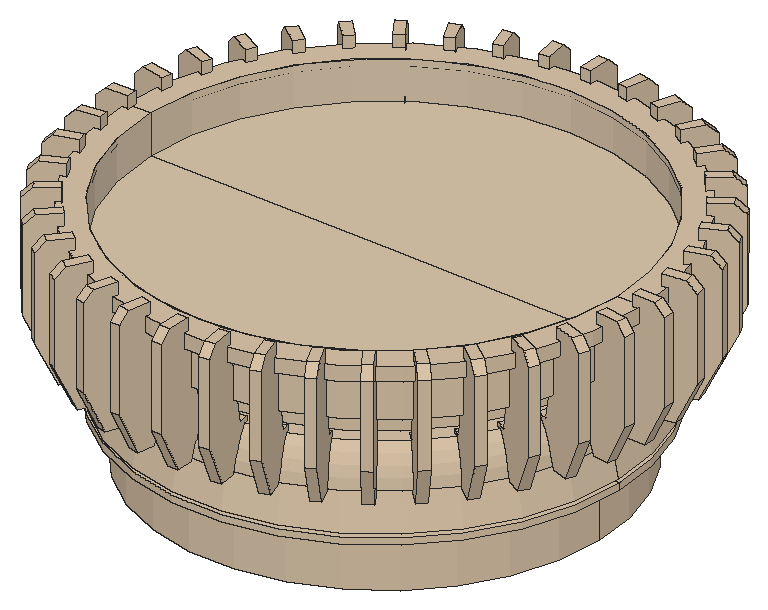
Revit family "KHL_Kemlux-Ceiling", category Lighting Fixtures, host Face, Revit 2021
Family settings
  Host = Face
  Round Connector Dimension = Use Diameter
  Part Type = Normal
  OmniClass Number = 23.80.70.14
  OmniClass Title = Luminaries for External Lighting
  Cut with Voids When Loaded = No
  Light Source = Yes
  Shared = No
  Room Calculation Point = No
Parameters (values of type "KHL-36L-X-5K-N")
  Wattage Comments = "86 Watts, 36 LEDs"
  Wattage = 86 W
  Watt = 86 W
  built-in parameter 1150110 = 1 (stored number, unit not read)
  Voltage = 277 V
  URL = "www.currentlighting.com/columbialighting"
  built-in parameter 1114217 = 1 (stored number, unit not read)
  Tilt Angle = -90.00°
  built-in parameter 1150109 = 1 (stored number, unit not read)
  built-in parameter 1150134 = 2
  built-in parameter 1150113 = 1 (stored number, unit not read)
  Product Page URL = ""
  Product Documentation Link = ""
  Power Factor = 1
  Photometric Web File = "KXL-36L-X-5K-N.ies"
  Optics = "Type V Rectangle"
  Model = "KHL - Kemlux III LED"  # constant formula
  Material Finish = Tan
  Manufacturer = "Columbia Lighting"  # constant formula
  built-in parameter 1150105 = 718.58 (stored number, unit not read)
  Lumens = 9030 lm
  built-in parameter 1150115 = 1 (stored number, unit not read)
  Load Classification = Lighting
  built-in parameter 1150137 = (empty or 0)
  built-in parameter 1150139 = (empty or 0)
  built-in parameter 1150112 = 1 (stored number, unit not read)
  built-in parameter 1150114 = 1 (stored number, unit not read)
  Lamp = "36 High Performanc LEDs"
  built-in parameter 1150132 = (empty or 0)
  built-in parameter 1150102 = (empty or 0)
  built-in parameter 1150107 = 5000 (stored number, unit not read)
  built-in parameter 1150138 = (empty or 0)
  built-in parameter 1150106 = 7.1858 (stored number, unit not read)
  Glass = White Glass
  Emit from Circle Diameter = 0' - 11"
  Emit Shape Visible in Rendering = no
  built-in parameter 1150104 = 9.7548 (stored number, unit not read)
  Dimming Lamp Color Temperature Shift = <None>
  Description = "Class I, Division 2 LED Fixture Series"  # constant formula
  Default Elevation = 4' - 0"
  Color Filter = 16777215
  built-in parameter 1114218 = 1 (stored number, unit not read)
  built-in parameter 1150133 = 10 (stored number, unit not read)
  Apparent Load = Watt / Power Factor  # 86 VA
Reference planes (in)
  plane 1 "Center (Front/Back)": y = 0
  plane 2: z = 0
  plane 3 "Center (Left/Right)": x = 0
  plane 4: x = -7
  plane 5: x = 7
Dimensions and locks (in)
  equal spacing: plane 5, plane 3 "Center (Left/Right)", plane 4, locked at 7 each
  aligned and locked: plane 2 to host face
  aligned and locked: level to host face
  aligned and locked: nested 1 to plane 3 "Center (Left/Right)"
  aligned and locked: nested 1 to plane 1 "Center (Front/Back)"
  aligned and locked: plane 3 "Center (Left/Right)" to imposter light
  aligned and locked: imposter light to plane 1 "Center (Front/Back)"
  aligned and locked: imposter light to nested 1
Automatic sketch dimensions
  host sketch curve to host sketch curve = 8' - 0"  (x2)
Nested families (in)
  nested 1: "KHL" at (0, 0, 0) x (-1, 0, 0) z (0, 0, 1), type "KHL"
Connectors (in)
  electrical at (0, 0, 0), driven by "Load Classification", driven by "Voltage", driven by "Apparent Load", driven by "Power Factor"
    settings: on nested 1, index 1, voltage 277 V, apparent load 86 VA, apparent load phase1 0 VA, apparent load phase2 0 VA, apparent load phase3 0 VA, power factor 1, load classification "Lighting", number of poles 1, system type 30, power factor state 1, is connector primary yes, connector utility no, sub classification motor no, connector description "Lighting Connector"
Definition of nested family "KHL"
  Parameters
    Wattage Comments = ""
    URL = ""
    Model = ""
    Material Finish = none
    Manufacturer = ""
    Lamp = ""
    IES FILE LINK = ""
    Glass = none
    Description = ""
    Default Elevation = 4' - 0"
    Apparent Load = 0 VA
  Reference planes (in)
    plane 1 "Center (Front/Back)": y = 0
    plane 2: z = 0
    plane 3 "Center (Left/Right)": x = 0
    plane 4: z = 6
    plane 5: x = -7.25
    plane 6: x = 7.25
    plane 7: x = -5.5
    plane 8: x = 5.5
  Forms (in)
    Extrusion 1, solid
      sketch origin (0, 0, 0) x (1, 0, 0) y (0, 1, 0)
        loop
          line (-48, 48) -> (-48, -48) -> (48, -48) -> (48, 48) -> (-48, 48)
      from 0 to -12
    Revolve 2, solid, material <- "Material Finish"
      sketch origin (0, 0, 0) x (1, 0, 0) y (0, 0, 1)
        loop
          line (5.5, 0) -> (5.5, 1.3125) -> (6, 1.3125) -> (6, 1.47979) -> (5.5, 1.47979) -> (5.5, 1.5625) -> (5.99031, 1.5625) -> (5.73742, 2.6875) -> (6.24933, 2.6875)
          arc (6.24933, 2.6875) -> (6.15662, 3.19814) -> (5.89032, 3.6436) r 1.45262
          line (5.89032, 3.6436) -> (5.5, 3.6436) -> (5.5, 4.37254) -> (6.34375, 4.37254) -> (6.34375, 5.37007) -> (6.59375, 5.37007) -> (6.59375, 5.71977) -> (5.95302, 5.71977) -> (5.95302, 4.75) -> (0, 4.75) -> (0, 0) -> (5.5, 0)
        axis (0, 5.71977) -> (0, 0)
      angle from 0 to 360
    Extrusion 3, solid, material <- "Glass"
      sketch origin (0, 0, 0) x (1, 0, 0) y (0, 1, 0)
        loop
          circle (0, 0) r 5.95302
      from 5.71977 to 5.56262
    Extrusion 4, solid, material <- "Material Finish"
      sketch origin (0, 0, 0) x (1, 0, 0) y (0, 0, 1)
        loop
          line (6.42821, 6) -> (6.42821, 5.66655) -> (6.045, 3.7335) -> (5.75, 3.7335) -> (5.75, 3.06247) -> (6.1875, 3.06247) -> (6.31956, 2.66852) -> (6.75, 2.66852) -> (7.25, 3.69367) -> (7.25, 5.75) -> (7, 6) -> (6.42821, 6)
      from 0.125 to -0.125
    Extrusion 5, solid, material <- "Material Finish"
      sketch origin (0, 0, 0) x (0.987688, -0.156434, 0) y (0, 0, 1)
        loop
          line (6.42821, 6) -> (6.42821, 5.66655) -> (6.045, 3.7335) -> (5.75, 3.7335) -> (5.75, 3.06247) -> (6.1875, 3.06247) -> (6.31956, 2.66852) -> (6.75, 2.66852) -> (7.25, 3.69367) -> (7.25, 5.75) -> (7, 6) -> (6.42821, 6)
      from 0.125 to -0.125
    Extrusion 6, solid, material <- "Material Finish"
      sketch origin (0, 0, 0) x (0.951057, -0.309017, 0) y (0, 0, 1)
        loop
          line (6.42821, 6) -> (6.42821, 5.66655) -> (6.045, 3.7335) -> (5.75, 3.7335) -> (5.75, 3.06247) -> (6.1875, 3.06247) -> (6.31956, 2.66852) -> (6.75, 2.66852) -> (7.25, 3.69367) -> (7.25, 5.75) -> (7, 6) -> (6.42821, 6)
      from 0.125 to -0.125
    Extrusion 7, solid, material <- "Material Finish"
      sketch origin (0, 0, 0) x (0.891007, -0.45399, 0) y (0, 0, 1)
        loop
          line (6.42821, 6) -> (6.42821, 5.66655) -> (6.045, 3.7335) -> (5.75, 3.7335) -> (5.75, 3.06247) -> (6.1875, 3.06247) -> (6.31956, 2.66852) -> (6.75, 2.66852) -> (7.25, 3.69367) -> (7.25, 5.75) -> (7, 6) -> (6.42821, 6)
      from 0.125 to -0.125
    Extrusion 8, solid, material <- "Material Finish"
      sketch origin (0, 0, 0) x (0.809017, -0.587785, 0) y (0, 0, 1)
        loop
          line (6.42821, 6) -> (6.42821, 5.66655) -> (6.045, 3.7335) -> (5.75, 3.7335) -> (5.75, 3.06247) -> (6.1875, 3.06247) -> (6.31956, 2.66852) -> (6.75, 2.66852) -> (7.25, 3.69367) -> (7.25, 5.75) -> (7, 6) -> (6.42821, 6)
      from 0.125 to -0.125
    Extrusion 9, solid, material <- "Material Finish"
      sketch origin (0, 0, 0) x (0.707107, -0.707107, 0) y (0, 0, 1)
        loop
          line (6.42821, 6) -> (6.42821, 5.66655) -> (6.045, 3.7335) -> (5.75, 3.7335) -> (5.75, 3.06247) -> (6.1875, 3.06247) -> (6.31956, 2.66852) -> (6.75, 2.66852) -> (7.25, 3.69367) -> (7.25, 5.75) -> (7, 6) -> (6.42821, 6)
      from 0.125 to -0.125
    Extrusion 10, solid, material <- "Material Finish"
      sketch origin (0, 0, 0) x (0.587785, -0.809017, 0) y (0, 0, 1)
        loop
          line (6.42821, 6) -> (6.42821, 5.66655) -> (6.045, 3.7335) -> (5.75, 3.7335) -> (5.75, 3.06247) -> (6.1875, 3.06247) -> (6.31956, 2.66852) -> (6.75, 2.66852) -> (7.25, 3.69367) -> (7.25, 5.75) -> (7, 6) -> (6.42821, 6)
      from 0.125 to -0.125
    Extrusion 11, solid, material <- "Material Finish"
      sketch origin (0, 0, 0) x (0.45399, -0.891007, 0) y (0, 0, 1)
        loop
          line (6.42821, 6) -> (6.42821, 5.66655) -> (6.045, 3.7335) -> (5.75, 3.7335) -> (5.75, 3.06247) -> (6.1875, 3.06247) -> (6.31956, 2.66852) -> (6.75, 2.66852) -> (7.25, 3.69367) -> (7.25, 5.75) -> (7, 6) -> (6.42821, 6)
      from 0.125 to -0.125
    Extrusion 12, solid, material <- "Material Finish"
      sketch origin (0, 0, 0) x (0.309017, -0.951057, 0) y (0, 0, 1)
        loop
          line (6.42821, 6) -> (6.42821, 5.66655) -> (6.045, 3.7335) -> (5.75, 3.7335) -> (5.75, 3.06247) -> (6.1875, 3.06247) -> (6.31956, 2.66852) -> (6.75, 2.66852) -> (7.25, 3.69367) -> (7.25, 5.75) -> (7, 6) -> (6.42821, 6)
      from 0.125 to -0.125
    Extrusion 13, solid, material <- "Material Finish"
      sketch origin (0, 0, 0) x (0.156434, -0.987688, 0) y (0, 0, 1)
        loop
          line (6.42821, 6) -> (6.42821, 5.66655) -> (6.045, 3.7335) -> (5.75, 3.7335) -> (5.75, 3.06247) -> (6.1875, 3.06247) -> (6.31956, 2.66852) -> (6.75, 2.66852) -> (7.25, 3.69367) -> (7.25, 5.75) -> (7, 6) -> (6.42821, 6)
      from 0.125 to -0.125
    Extrusion 14, solid, material <- "Material Finish"
      sketch origin (0, 0, 0) x (0, -1, 0) y (0, 0, 1)
        loop
          line (6.42821, 6) -> (6.42821, 5.66655) -> (6.045, 3.7335) -> (5.75, 3.7335) -> (5.75, 3.06247) -> (6.1875, 3.06247) -> (6.31956, 2.66852) -> (6.75, 2.66852) -> (7.25, 3.69367) -> (7.25, 5.75) -> (7, 6) -> (6.42821, 6)
      from 0.125 to -0.125
    Extrusion 15, solid, material <- "Material Finish"
      sketch origin (0, 0, 0) x (-0.156434, -0.987688, 0) y (0, 0, 1)
        loop
          line (6.42821, 6) -> (6.42821, 5.66655) -> (6.045, 3.7335) -> (5.75, 3.7335) -> (5.75, 3.06247) -> (6.1875, 3.06247) -> (6.31956, 2.66852) -> (6.75, 2.66852) -> (7.25, 3.69367) -> (7.25, 5.75) -> (7, 6) -> (6.42821, 6)
      from 0.125 to -0.125
    Extrusion 16, solid, material <- "Material Finish"
      sketch origin (0, 0, 0) x (-0.309017, -0.951057, 0) y (0, 0, 1)
        loop
          line (6.42821, 6) -> (6.42821, 5.66655) -> (6.045, 3.7335) -> (5.75, 3.7335) -> (5.75, 3.06247) -> (6.1875, 3.06247) -> (6.31956, 2.66852) -> (6.75, 2.66852) -> (7.25, 3.69367) -> (7.25, 5.75) -> (7, 6) -> (6.42821, 6)
      from 0.125 to -0.125
    Extrusion 17, solid, material <- "Material Finish"
      sketch origin (0, 0, 0) x (-0.45399, -0.891007, 0) y (0, 0, 1)
        loop
          line (6.42821, 6) -> (6.42821, 5.66655) -> (6.045, 3.7335) -> (5.75, 3.7335) -> (5.75, 3.06247) -> (6.1875, 3.06247) -> (6.31956, 2.66852) -> (6.75, 2.66852) -> (7.25, 3.69367) -> (7.25, 5.75) -> (7, 6) -> (6.42821, 6)
      from 0.125 to -0.125
    Extrusion 18, solid, material <- "Material Finish"
      sketch origin (0, 0, 0) x (-0.587785, -0.809017, 0) y (0, 0, 1)
        loop
          line (6.42821, 6) -> (6.42821, 5.66655) -> (6.045, 3.7335) -> (5.75, 3.7335) -> (5.75, 3.06247) -> (6.1875, 3.06247) -> (6.31956, 2.66852) -> (6.75, 2.66852) -> (7.25, 3.69367) -> (7.25, 5.75) -> (7, 6) -> (6.42821, 6)
      from 0.125 to -0.125
    Extrusion 19, solid, material <- "Material Finish"
      sketch origin (0, 0, 0) x (-0.707107, -0.707107, 0) y (0, 0, 1)
        loop
          line (6.42821, 6) -> (6.42821, 5.66655) -> (6.045, 3.7335) -> (5.75, 3.7335) -> (5.75, 3.06247) -> (6.1875, 3.06247) -> (6.31956, 2.66852) -> (6.75, 2.66852) -> (7.25, 3.69367) -> (7.25, 5.75) -> (7, 6) -> (6.42821, 6)
      from 0.125 to -0.125
    Extrusion 20, solid, material <- "Material Finish"
      sketch origin (0, 0, 0) x (-0.809017, -0.587785, 0) y (0, 0, 1)
        loop
          line (6.42821, 6) -> (6.42821, 5.66655) -> (6.045, 3.7335) -> (5.75, 3.7335) -> (5.75, 3.06247) -> (6.1875, 3.06247) -> (6.31956, 2.66852) -> (6.75, 2.66852) -> (7.25, 3.69367) -> (7.25, 5.75) -> (7, 6) -> (6.42821, 6)
      from 0.125 to -0.125
    Extrusion 21, solid, material <- "Material Finish"
      sketch origin (0, 0, 0) x (-0.891007, -0.45399, 0) y (0, 0, 1)
        loop
          line (6.42821, 6) -> (6.42821, 5.66655) -> (6.045, 3.7335) -> (5.75, 3.7335) -> (5.75, 3.06247) -> (6.1875, 3.06247) -> (6.31956, 2.66852) -> (6.75, 2.66852) -> (7.25, 3.69367) -> (7.25, 5.75) -> (7, 6) -> (6.42821, 6)
      from 0.125 to -0.125
    Extrusion 22, solid, material <- "Material Finish"
      sketch origin (0, 0, 0) x (-0.951057, -0.309017, 0) y (0, 0, 1)
        loop
          line (6.42821, 6) -> (6.42821, 5.66655) -> (6.045, 3.7335) -> (5.75, 3.7335) -> (5.75, 3.06247) -> (6.1875, 3.06247) -> (6.31956, 2.66852) -> (6.75, 2.66852) -> (7.25, 3.69367) -> (7.25, 5.75) -> (7, 6) -> (6.42821, 6)
      from 0.125 to -0.125
    Extrusion 23, solid, material <- "Material Finish"
      sketch origin (0, 0, 0) x (-0.987688, -0.156434, 0) y (0, 0, 1)
        loop
          line (6.42821, 6) -> (6.42821, 5.66655) -> (6.045, 3.7335) -> (5.75, 3.7335) -> (5.75, 3.06247) -> (6.1875, 3.06247) -> (6.31956, 2.66852) -> (6.75, 2.66852) -> (7.25, 3.69367) -> (7.25, 5.75) -> (7, 6) -> (6.42821, 6)
      from 0.125 to -0.125
    Extrusion 24, solid, material <- "Material Finish"
      sketch origin (0, 0, 0) x (-1, 0, 0) y (0, 0, 1)
        loop
          line (6.42821, 6) -> (6.42821, 5.66655) -> (6.045, 3.7335) -> (5.75, 3.7335) -> (5.75, 3.06247) -> (6.1875, 3.06247) -> (6.31956, 2.66852) -> (6.75, 2.66852) -> (7.25, 3.69367) -> (7.25, 5.75) -> (7, 6) -> (6.42821, 6)
      from 0.125 to -0.125
    Extrusion 25, solid, material <- "Material Finish"
      sketch origin (0, 0, 0) x (-0.987688, 0.156434, 0) y (0, 0, 1)
        loop
          line (6.42821, 6) -> (6.42821, 5.66655) -> (6.045, 3.7335) -> (5.75, 3.7335) -> (5.75, 3.06247) -> (6.1875, 3.06247) -> (6.31956, 2.66852) -> (6.75, 2.66852) -> (7.25, 3.69367) -> (7.25, 5.75) -> (7, 6) -> (6.42821, 6)
      from 0.125 to -0.125
    Extrusion 26, solid, material <- "Material Finish"
      sketch origin (0, 0, 0) x (-0.951057, 0.309017, 0) y (0, 0, 1)
        loop
          line (6.42821, 6) -> (6.42821, 5.66655) -> (6.045, 3.7335) -> (5.75, 3.7335) -> (5.75, 3.06247) -> (6.1875, 3.06247) -> (6.31956, 2.66852) -> (6.75, 2.66852) -> (7.25, 3.69367) -> (7.25, 5.75) -> (7, 6) -> (6.42821, 6)
      from 0.125 to -0.125
    Extrusion 27, solid, material <- "Material Finish"
      sketch origin (0, 0, 0) x (-0.891007, 0.45399, 0) y (0, 0, 1)
        loop
          line (6.42821, 6) -> (6.42821, 5.66655) -> (6.045, 3.7335) -> (5.75, 3.7335) -> (5.75, 3.06247) -> (6.1875, 3.06247) -> (6.31956, 2.66852) -> (6.75, 2.66852) -> (7.25, 3.69367) -> (7.25, 5.75) -> (7, 6) -> (6.42821, 6)
      from 0.125 to -0.125
    Extrusion 28, solid, material <- "Material Finish"
      sketch origin (0, 0, 0) x (-0.809017, 0.587785, 0) y (0, 0, 1)
        loop
          line (6.42821, 6) -> (6.42821, 5.66655) -> (6.045, 3.7335) -> (5.75, 3.7335) -> (5.75, 3.06247) -> (6.1875, 3.06247) -> (6.31956, 2.66852) -> (6.75, 2.66852) -> (7.25, 3.69367) -> (7.25, 5.75) -> (7, 6) -> (6.42821, 6)
      from 0.125 to -0.125
    Extrusion 29, solid, material <- "Material Finish"
      sketch origin (0, 0, 0) x (-0.707107, 0.707107, 0) y (0, 0, 1)
        loop
          line (6.42821, 6) -> (6.42821, 5.66655) -> (6.045, 3.7335) -> (5.75, 3.7335) -> (5.75, 3.06247) -> (6.1875, 3.06247) -> (6.31956, 2.66852) -> (6.75, 2.66852) -> (7.25, 3.69367) -> (7.25, 5.75) -> (7, 6) -> (6.42821, 6)
      from 0.125 to -0.125
    Extrusion 30, solid, material <- "Material Finish"
      sketch origin (0, 0, 0) x (-0.587785, 0.809017, 0) y (0, 0, 1)
        loop
          line (6.42821, 6) -> (6.42821, 5.66655) -> (6.045, 3.7335) -> (5.75, 3.7335) -> (5.75, 3.06247) -> (6.1875, 3.06247) -> (6.31956, 2.66852) -> (6.75, 2.66852) -> (7.25, 3.69367) -> (7.25, 5.75) -> (7, 6) -> (6.42821, 6)
      from 0.125 to -0.125
    Extrusion 31, solid, material <- "Material Finish"
      sketch origin (0, 0, 0) x (-0.45399, 0.891007, 0) y (0, 0, 1)
        loop
          line (6.42821, 6) -> (6.42821, 5.66655) -> (6.045, 3.7335) -> (5.75, 3.7335) -> (5.75, 3.06247) -> (6.1875, 3.06247) -> (6.31956, 2.66852) -> (6.75, 2.66852) -> (7.25, 3.69367) -> (7.25, 5.75) -> (7, 6) -> (6.42821, 6)
      from 0.125 to -0.125
    Extrusion 32, solid, material <- "Material Finish"
      sketch origin (0, 0, 0) x (-0.309017, 0.951057, 0) y (0, 0, 1)
        loop
          line (6.42821, 6) -> (6.42821, 5.66655) -> (6.045, 3.7335) -> (5.75, 3.7335) -> (5.75, 3.06247) -> (6.1875, 3.06247) -> (6.31956, 2.66852) -> (6.75, 2.66852) -> (7.25, 3.69367) -> (7.25, 5.75) -> (7, 6) -> (6.42821, 6)
      from 0.125 to -0.125
    Extrusion 33, solid, material <- "Material Finish"
      sketch origin (0, 0, 0) x (-0.156434, 0.987688, 0) y (0, 0, 1)
        loop
          line (6.42821, 6) -> (6.42821, 5.66655) -> (6.045, 3.7335) -> (5.75, 3.7335) -> (5.75, 3.06247) -> (6.1875, 3.06247) -> (6.31956, 2.66852) -> (6.75, 2.66852) -> (7.25, 3.69367) -> (7.25, 5.75) -> (7, 6) -> (6.42821, 6)
      from 0.125 to -0.125
    Extrusion 34, solid, material <- "Material Finish"
      sketch origin (0, 0, 0) x (0, 1, 0) y (0, 0, 1)
        loop
          line (6.42821, 6) -> (6.42821, 5.66655) -> (6.045, 3.7335) -> (5.75, 3.7335) -> (5.75, 3.06247) -> (6.1875, 3.06247) -> (6.31956, 2.66852) -> (6.75, 2.66852) -> (7.25, 3.69367) -> (7.25, 5.75) -> (7, 6) -> (6.42821, 6)
      from 0.125 to -0.125
    Extrusion 35, solid, material <- "Material Finish"
      sketch origin (0, 0, 0) x (0.156434, 0.987688, 0) y (0, 0, 1)
        loop
          line (6.42821, 6) -> (6.42821, 5.66655) -> (6.045, 3.7335) -> (5.75, 3.7335) -> (5.75, 3.06247) -> (6.1875, 3.06247) -> (6.31956, 2.66852) -> (6.75, 2.66852) -> (7.25, 3.69367) -> (7.25, 5.75) -> (7, 6) -> (6.42821, 6)
      from 0.125 to -0.125
    Extrusion 36, solid, material <- "Material Finish"
      sketch origin (0, 0, 0) x (0.309017, 0.951057, 0) y (0, 0, 1)
        loop
          line (6.42821, 6) -> (6.42821, 5.66655) -> (6.045, 3.7335) -> (5.75, 3.7335) -> (5.75, 3.06247) -> (6.1875, 3.06247) -> (6.31956, 2.66852) -> (6.75, 2.66852) -> (7.25, 3.69367) -> (7.25, 5.75) -> (7, 6) -> (6.42821, 6)
      from 0.125 to -0.125
    Extrusion 37, solid, material <- "Material Finish"
      sketch origin (0, 0, 0) x (0.45399, 0.891007, 0) y (0, 0, 1)
        loop
          line (6.42821, 6) -> (6.42821, 5.66655) -> (6.045, 3.7335) -> (5.75, 3.7335) -> (5.75, 3.06247) -> (6.1875, 3.06247) -> (6.31956, 2.66852) -> (6.75, 2.66852) -> (7.25, 3.69367) -> (7.25, 5.75) -> (7, 6) -> (6.42821, 6)
      from 0.125 to -0.125
    Extrusion 38, solid, material <- "Material Finish"
      sketch origin (0, 0, 0) x (0.587785, 0.809017, 0) y (0, 0, 1)
        loop
          line (6.42821, 6) -> (6.42821, 5.66655) -> (6.045, 3.7335) -> (5.75, 3.7335) -> (5.75, 3.06247) -> (6.1875, 3.06247) -> (6.31956, 2.66852) -> (6.75, 2.66852) -> (7.25, 3.69367) -> (7.25, 5.75) -> (7, 6) -> (6.42821, 6)
      from 0.125 to -0.125
    Extrusion 39, solid, material <- "Material Finish"
      sketch origin (0, 0, 0) x (0.707107, 0.707107, 0) y (0, 0, 1)
        loop
          line (6.42821, 6) -> (6.42821, 5.66655) -> (6.045, 3.7335) -> (5.75, 3.7335) -> (5.75, 3.06247) -> (6.1875, 3.06247) -> (6.31956, 2.66852) -> (6.75, 2.66852) -> (7.25, 3.69367) -> (7.25, 5.75) -> (7, 6) -> (6.42821, 6)
      from 0.125 to -0.125
    Extrusion 40, solid, material <- "Material Finish"
      sketch origin (0, 0, 0) x (0.809017, 0.587785, 0) y (0, 0, 1)
        loop
          line (6.42821, 6) -> (6.42821, 5.66655) -> (6.045, 3.7335) -> (5.75, 3.7335) -> (5.75, 3.06247) -> (6.1875, 3.06247) -> (6.31956, 2.66852) -> (6.75, 2.66852) -> (7.25, 3.69367) -> (7.25, 5.75) -> (7, 6) -> (6.42821, 6)
      from 0.125 to -0.125
    Extrusion 41, solid, material <- "Material Finish"
      sketch origin (0, 0, 0) x (0.891007, 0.45399, 0) y (0, 0, 1)
        loop
          line (6.42821, 6) -> (6.42821, 5.66655) -> (6.045, 3.7335) -> (5.75, 3.7335) -> (5.75, 3.06247) -> (6.1875, 3.06247) -> (6.31956, 2.66852) -> (6.75, 2.66852) -> (7.25, 3.69367) -> (7.25, 5.75) -> (7, 6) -> (6.42821, 6)
      from 0.125 to -0.125
    Extrusion 42, solid, material <- "Material Finish"
      sketch origin (0, 0, 0) x (0.951057, 0.309017, 0) y (0, 0, 1)
        loop
          line (6.42821, 6) -> (6.42821, 5.66655) -> (6.045, 3.7335) -> (5.75, 3.7335) -> (5.75, 3.06247) -> (6.1875, 3.06247) -> (6.31956, 2.66852) -> (6.75, 2.66852) -> (7.25, 3.69367) -> (7.25, 5.75) -> (7, 6) -> (6.42821, 6)
      from 0.125 to -0.125
    Extrusion 43, solid, material <- "Material Finish"
      sketch origin (0, 0, 0) x (0.987688, 0.156434, 0) y (0, 0, 1)
        loop
          line (6.42821, 6) -> (6.42821, 5.66655) -> (6.045, 3.7335) -> (5.75, 3.7335) -> (5.75, 3.06247) -> (6.1875, 3.06247) -> (6.31956, 2.66852) -> (6.75, 2.66852) -> (7.25, 3.69367) -> (7.25, 5.75) -> (7, 6) -> (6.42821, 6)
      from 0.125 to -0.125
  Lines and regions (in)
    reference lines
      curve 1: line (5.95302, 0, 4.75) -> (0, 0, 4.75)
      curve 2: line (5.95302, 0, 5.92266) -> (5.95302, 0, 4.75)
      curve 3: line (6.59375, 0, 5.37007) -> (6.59375, 0, 5.92266)
      curve 4: line (6.34375, 0, 5.37007) -> (6.59375, 0, 5.37007)
      curve 5: line (6.34375, 0, 4.37254) -> (5.5, 0, 4.37254)
      curve 6: line (6.34375, 0, 4.37254) -> (6.34375, 0, 5.37007)
      curve 7: arc (6.25, 0, 2.75) -> (6.14885, 0, 3.28681) -> (5.85927, 0, 3.75) r 1.47501
      curve 8: line (5.85927, 0, 2.75) -> (6.25, 0, 2.75)
      curve 9: line (5.85927, 0, 2.75) -> (5.85927, 0, 1.75)
      curve 10: line (5.85927, 0, 1.75) -> (4.74529, 0, 1.75)
      curve 11: line (5.85927, 0, 3.75) -> (4.8978, 0, 3.75)
      curve 12: line (5.10824, 0, 5.71977) -> (6.99125, 0, 5.71977)
  Dimensions and locks (in)
    locked: plane 4 to plane 2 at 6
    equal spacing: plane 6, plane 3 "Center (Left/Right)", plane 5
    locked: plane 6 to plane 5 at 14.5
    equal spacing: plane 8, plane 3 "Center (Left/Right)", plane 7, locked at 5.5 each
    aligned and locked: plane 2 to Extrusion 1
    aligned and locked: level to Extrusion 1
    aligned and locked: Revolve 2 sketch curve to plane 2
    aligned and locked: Extrusion 3 sketch curve to Revolve 2
    aligned and locked: Revolve 2 sketch curve to curve 1
    aligned and locked: Revolve 2 sketch curve to plane 8
    aligned and locked: plane 8 to Revolve 2 sketch curve
    aligned and locked: curve 5 to Revolve 2 sketch curve
    aligned and locked: Revolve 2 sketch curve to curve 6
    aligned and locked: Revolve 2 sketch curve to curve 4
    aligned and locked: Revolve 2 sketch curve to curve 3
    aligned and locked: Revolve 2 sketch curve to curve 12
  Automatic sketch dimensions
    Extrusion 1 sketch curve to Extrusion 1 sketch curve = 8' - 0"  (x2)
    curve 1 to plane 3 "Center (Left/Right)" = 0' - 0"
    plane 8 to curve 5 = 0' - 0"
    plane 8 to curve 10 = 0' - 0.75471"
    plane 8 to curve 7 = 0' - 0.72501"
    plane 8 to curve 11 = 0' - 0.6022"
    plane 8 to curve 12 = 0' - 0.39176"
    curve 11 to plane 8 = 0' - 0.35927"
    curve 8 to plane 8 = 0' - 0.35927"
    curve 2 to plane 4 = 0' - 0.07734"
    curve 2 to plane 8 = 0' - 0.45302"
    curve 8 to curve 8 = 0' - 0.39073"
    curve 1 to curve 6 = 0' - 0.39073"
    curve 4 to curve 4 = 0' - 0 1/4"
    plane 6 to curve 12 = 0' - 0.25875"
    curve 12 to plane 4 = 0' - 0.28023"
    curve 6 to plane 4 = 0' - 0.62993"
    curve 2 to curve 4 = 0' - 0.62007"
    curve 5 to curve 1 = 0' - 0.37746"
    curve 11 to curve 5 = 0' - 0.62254"
    curve 9 to curve 8 = 0' - 1"
    curve 3 to plane 4 = 0' - 0.07734"
    Extrusion 4 sketch curve to Extrusion 4 sketch curve = 0' - 0 7/16"
    Extrusion 4 sketch curve to Extrusion 4 sketch curve = 0' - 0.13206"
    Extrusion 4 sketch curve to Extrusion 4 sketch curve = 0' - 0.295"
    Extrusion 4 sketch curve to Extrusion 4 sketch curve = 0' - 0.38321"
    Extrusion 4 sketch curve to Extrusion 4 sketch curve = 0' - 0.43044"
    Extrusion 4 sketch curve to Extrusion 4 sketch curve = 0' - 0.57179"
    Extrusion 4 sketch curve to Extrusion 4 sketch curve = 0' - 0 1/4"  (x2)
    Extrusion 4 sketch curve to Extrusion 4 sketch curve = 0' - 0.39395"
    Extrusion 4 sketch curve to Extrusion 4 sketch curve = 0' - 1.02515"
    Extrusion 4 sketch curve to Extrusion 4 sketch curve = 0' - 0.67103"
    Extrusion 4 sketch curve to Extrusion 4 sketch curve = 0' - 1.93305"
    Extrusion 4 sketch curve to Extrusion 4 sketch curve = 0' - 0.08345"
    Extrusion 5 sketch curve to Extrusion 5 sketch curve = 0' - 0 7/16"
    Extrusion 5 sketch curve to Extrusion 5 sketch curve = 0' - 0.13206"
    Extrusion 5 sketch curve to Extrusion 5 sketch curve = 0' - 0.295"
    Extrusion 5 sketch curve to Extrusion 5 sketch curve = 0' - 0.38321"
    Extrusion 5 sketch curve to Extrusion 5 sketch curve = 0' - 0.43044"
    Extrusion 5 sketch curve to Extrusion 5 sketch curve = 0' - 0.57179"
    Extrusion 5 sketch curve to Extrusion 5 sketch curve = 0' - 0 1/4"  (x2)
    Extrusion 5 sketch curve to Extrusion 5 sketch curve = 0' - 0.39395"
    Extrusion 5 sketch curve to Extrusion 5 sketch curve = 0' - 1.02515"
    Extrusion 5 sketch curve to Extrusion 5 sketch curve = 0' - 0.67103"
    Extrusion 5 sketch curve to Extrusion 5 sketch curve = 0' - 1.93305"
    Extrusion 5 sketch curve to Extrusion 5 sketch curve = 0' - 0.08345"
    Extrusion 6 sketch curve to Extrusion 6 sketch curve = 0' - 0 7/16"
    Extrusion 6 sketch curve to Extrusion 6 sketch curve = 0' - 0.13206"
    Extrusion 6 sketch curve to Extrusion 6 sketch curve = 0' - 0.295"
    Extrusion 6 sketch curve to Extrusion 6 sketch curve = 0' - 0.38321"
    Extrusion 6 sketch curve to Extrusion 6 sketch curve = 0' - 0.43044"
    Extrusion 6 sketch curve to Extrusion 6 sketch curve = 0' - 0.57179"
    Extrusion 6 sketch curve to Extrusion 6 sketch curve = 0' - 0 1/4"  (x2)
    Extrusion 6 sketch curve to Extrusion 6 sketch curve = 0' - 0.39395"
    Extrusion 6 sketch curve to Extrusion 6 sketch curve = 0' - 1.02515"
    Extrusion 6 sketch curve to Extrusion 6 sketch curve = 0' - 0.67103"
    Extrusion 6 sketch curve to Extrusion 6 sketch curve = 0' - 1.93305"
    Extrusion 6 sketch curve to Extrusion 6 sketch curve = 0' - 0.08345"
    Extrusion 7 sketch curve to Extrusion 7 sketch curve = 0' - 0 7/16"
    Extrusion 7 sketch curve to Extrusion 7 sketch curve = 0' - 0.13206"
    Extrusion 7 sketch curve to Extrusion 7 sketch curve = 0' - 0.295"
    Extrusion 7 sketch curve to Extrusion 7 sketch curve = 0' - 0.38321"
    Extrusion 7 sketch curve to Extrusion 7 sketch curve = 0' - 0.43044"
    Extrusion 7 sketch curve to Extrusion 7 sketch curve = 0' - 0.57179"
    Extrusion 7 sketch curve to Extrusion 7 sketch curve = 0' - 0 1/4"  (x2)
    Extrusion 7 sketch curve to Extrusion 7 sketch curve = 0' - 0.39395"
    Extrusion 7 sketch curve to Extrusion 7 sketch curve = 0' - 1.02515"
    Extrusion 7 sketch curve to Extrusion 7 sketch curve = 0' - 0.67103"
    Extrusion 7 sketch curve to Extrusion 7 sketch curve = 0' - 1.93305"
    Extrusion 7 sketch curve to Extrusion 7 sketch curve = 0' - 0.08345"
    Extrusion 8 sketch curve to Extrusion 8 sketch curve = 0' - 0 7/16"
    Extrusion 8 sketch curve to Extrusion 8 sketch curve = 0' - 0.13206"
    Extrusion 8 sketch curve to Extrusion 8 sketch curve = 0' - 0.295"
    Extrusion 8 sketch curve to Extrusion 8 sketch curve = 0' - 0.38321"
    Extrusion 8 sketch curve to Extrusion 8 sketch curve = 0' - 0.43044"
    Extrusion 8 sketch curve to Extrusion 8 sketch curve = 0' - 0.57179"
    Extrusion 8 sketch curve to Extrusion 8 sketch curve = 0' - 0 1/4"  (x2)
    Extrusion 8 sketch curve to Extrusion 8 sketch curve = 0' - 0.39395"
    Extrusion 8 sketch curve to Extrusion 8 sketch curve = 0' - 1.02515"
    Extrusion 8 sketch curve to Extrusion 8 sketch curve = 0' - 0.67103"
    Extrusion 8 sketch curve to Extrusion 8 sketch curve = 0' - 1.93305"
    Extrusion 8 sketch curve to Extrusion 8 sketch curve = 0' - 0.08345"
    Extrusion 9 sketch curve to Extrusion 9 sketch curve = 0' - 0 7/16"
    Extrusion 9 sketch curve to Extrusion 9 sketch curve = 0' - 0.13206"
    Extrusion 9 sketch curve to Extrusion 9 sketch curve = 0' - 0.295"
    Extrusion 9 sketch curve to Extrusion 9 sketch curve = 0' - 0.38321"
    Extrusion 9 sketch curve to Extrusion 9 sketch curve = 0' - 0.43044"
    Extrusion 9 sketch curve to Extrusion 9 sketch curve = 0' - 0.57179"
    Extrusion 9 sketch curve to Extrusion 9 sketch curve = 0' - 0 1/4"  (x2)
    Extrusion 9 sketch curve to Extrusion 9 sketch curve = 0' - 0.39395"
    Extrusion 9 sketch curve to Extrusion 9 sketch curve = 0' - 1.02515"
    Extrusion 9 sketch curve to Extrusion 9 sketch curve = 0' - 0.67103"
    Extrusion 9 sketch curve to Extrusion 9 sketch curve = 0' - 1.93305"
    Extrusion 9 sketch curve to Extrusion 9 sketch curve = 0' - 0.08345"
    Extrusion 10 sketch curve to Extrusion 10 sketch curve = 0' - 0 7/16"
    Extrusion 10 sketch curve to Extrusion 10 sketch curve = 0' - 0.13206"
    Extrusion 10 sketch curve to Extrusion 10 sketch curve = 0' - 0.295"
    Extrusion 10 sketch curve to Extrusion 10 sketch curve = 0' - 0.38321"
    Extrusion 10 sketch curve to Extrusion 10 sketch curve = 0' - 0.43044"
    Extrusion 10 sketch curve to Extrusion 10 sketch curve = 0' - 0.57179"
    Extrusion 10 sketch curve to Extrusion 10 sketch curve = 0' - 0 1/4"  (x2)
    Extrusion 10 sketch curve to Extrusion 10 sketch curve = 0' - 0.39395"
    Extrusion 10 sketch curve to Extrusion 10 sketch curve = 0' - 1.02515"
    Extrusion 10 sketch curve to Extrusion 10 sketch curve = 0' - 0.67103"
    Extrusion 10 sketch curve to Extrusion 10 sketch curve = 0' - 1.93305"
    Extrusion 10 sketch curve to Extrusion 10 sketch curve = 0' - 0.08345"
    Extrusion 11 sketch curve to Extrusion 11 sketch curve = 0' - 0 7/16"
    Extrusion 11 sketch curve to Extrusion 11 sketch curve = 0' - 0.13206"
    Extrusion 11 sketch curve to Extrusion 11 sketch curve = 0' - 0.295"
    Extrusion 11 sketch curve to Extrusion 11 sketch curve = 0' - 0.38321"
    Extrusion 11 sketch curve to Extrusion 11 sketch curve = 0' - 0.43044"
    Extrusion 11 sketch curve to Extrusion 11 sketch curve = 0' - 0.57179"
    Extrusion 11 sketch curve to Extrusion 11 sketch curve = 0' - 0 1/4"  (x2)
    Extrusion 11 sketch curve to Extrusion 11 sketch curve = 0' - 0.39395"
    Extrusion 11 sketch curve to Extrusion 11 sketch curve = 0' - 1.02515"
    Extrusion 11 sketch curve to Extrusion 11 sketch curve = 0' - 0.67103"
    Extrusion 11 sketch curve to Extrusion 11 sketch curve = 0' - 1.93305"
    Extrusion 11 sketch curve to Extrusion 11 sketch curve = 0' - 0.08345"
    Extrusion 12 sketch curve to Extrusion 12 sketch curve = 0' - 0 7/16"
    Extrusion 12 sketch curve to Extrusion 12 sketch curve = 0' - 0.13206"
    Extrusion 12 sketch curve to Extrusion 12 sketch curve = 0' - 0.295"
    Extrusion 12 sketch curve to Extrusion 12 sketch curve = 0' - 0.38321"
    Extrusion 12 sketch curve to Extrusion 12 sketch curve = 0' - 0.43044"
    Extrusion 12 sketch curve to Extrusion 12 sketch curve = 0' - 0.57179"
    Extrusion 12 sketch curve to Extrusion 12 sketch curve = 0' - 0 1/4"  (x2)
    Extrusion 12 sketch curve to Extrusion 12 sketch curve = 0' - 0.39395"
    Extrusion 12 sketch curve to Extrusion 12 sketch curve = 0' - 1.02515"
    Extrusion 12 sketch curve to Extrusion 12 sketch curve = 0' - 0.67103"
    Extrusion 12 sketch curve to Extrusion 12 sketch curve = 0' - 1.93305"
    Extrusion 12 sketch curve to Extrusion 12 sketch curve = 0' - 0.08345"
    Extrusion 13 sketch curve to Extrusion 13 sketch curve = 0' - 0 7/16"
    Extrusion 13 sketch curve to Extrusion 13 sketch curve = 0' - 0.13206"
    Extrusion 13 sketch curve to Extrusion 13 sketch curve = 0' - 0.295"
    Extrusion 13 sketch curve to Extrusion 13 sketch curve = 0' - 0.38321"
    Extrusion 13 sketch curve to Extrusion 13 sketch curve = 0' - 0.43044"
    Extrusion 13 sketch curve to Extrusion 13 sketch curve = 0' - 0.57179"
    Extrusion 13 sketch curve to Extrusion 13 sketch curve = 0' - 0 1/4"  (x2)
    Extrusion 13 sketch curve to Extrusion 13 sketch curve = 0' - 0.39395"
    Extrusion 13 sketch curve to Extrusion 13 sketch curve = 0' - 1.02515"
    Extrusion 13 sketch curve to Extrusion 13 sketch curve = 0' - 0.67103"
    Extrusion 13 sketch curve to Extrusion 13 sketch curve = 0' - 1.93305"
    Extrusion 13 sketch curve to Extrusion 13 sketch curve = 0' - 0.08345"
    Extrusion 14 sketch curve to Extrusion 14 sketch curve = 0' - 0 7/16"
    Extrusion 14 sketch curve to Extrusion 14 sketch curve = 0' - 0.13206"
    Extrusion 14 sketch curve to Extrusion 14 sketch curve = 0' - 0.295"
    Extrusion 14 sketch curve to Extrusion 14 sketch curve = 0' - 0.38321"
    Extrusion 14 sketch curve to Extrusion 14 sketch curve = 0' - 0.43044"
    Extrusion 14 sketch curve to Extrusion 14 sketch curve = 0' - 0.57179"
    Extrusion 14 sketch curve to Extrusion 14 sketch curve = 0' - 0 1/4"  (x2)
    Extrusion 14 sketch curve to Extrusion 14 sketch curve = 0' - 0.39395"
    Extrusion 14 sketch curve to Extrusion 14 sketch curve = 0' - 1.02515"
    Extrusion 14 sketch curve to Extrusion 14 sketch curve = 0' - 0.67103"
    Extrusion 14 sketch curve to Extrusion 14 sketch curve = 0' - 1.93305"
    Extrusion 14 sketch curve to Extrusion 14 sketch curve = 0' - 0.08345"
    Extrusion 15 sketch curve to Extrusion 15 sketch curve = 0' - 0 7/16"
    Extrusion 15 sketch curve to Extrusion 15 sketch curve = 0' - 0.13206"
    Extrusion 15 sketch curve to Extrusion 15 sketch curve = 0' - 0.295"
    Extrusion 15 sketch curve to Extrusion 15 sketch curve = 0' - 0.38321"
    Extrusion 15 sketch curve to Extrusion 15 sketch curve = 0' - 0.43044"
    Extrusion 15 sketch curve to Extrusion 15 sketch curve = 0' - 0.57179"
    Extrusion 15 sketch curve to Extrusion 15 sketch curve = 0' - 0 1/4"  (x2)
    Extrusion 15 sketch curve to Extrusion 15 sketch curve = 0' - 0.39395"
    Extrusion 15 sketch curve to Extrusion 15 sketch curve = 0' - 1.02515"
    Extrusion 15 sketch curve to Extrusion 15 sketch curve = 0' - 0.67103"
    Extrusion 15 sketch curve to Extrusion 15 sketch curve = 0' - 1.93305"
    Extrusion 15 sketch curve to Extrusion 15 sketch curve = 0' - 0.08345"
    Extrusion 16 sketch curve to Extrusion 16 sketch curve = 0' - 0 7/16"
    Extrusion 16 sketch curve to Extrusion 16 sketch curve = 0' - 0.13206"
    Extrusion 16 sketch curve to Extrusion 16 sketch curve = 0' - 0.295"
    Extrusion 16 sketch curve to Extrusion 16 sketch curve = 0' - 0.38321"
    Extrusion 16 sketch curve to Extrusion 16 sketch curve = 0' - 0.43044"
    Extrusion 16 sketch curve to Extrusion 16 sketch curve = 0' - 0.57179"
    Extrusion 16 sketch curve to Extrusion 16 sketch curve = 0' - 0 1/4"  (x2)
    Extrusion 16 sketch curve to Extrusion 16 sketch curve = 0' - 0.39395"
    Extrusion 16 sketch curve to Extrusion 16 sketch curve = 0' - 1.02515"
    Extrusion 16 sketch curve to Extrusion 16 sketch curve = 0' - 0.67103"
    Extrusion 16 sketch curve to Extrusion 16 sketch curve = 0' - 1.93305"
    Extrusion 16 sketch curve to Extrusion 16 sketch curve = 0' - 0.08345"
    Extrusion 17 sketch curve to Extrusion 17 sketch curve = 0' - 0 7/16"
    Extrusion 17 sketch curve to Extrusion 17 sketch curve = 0' - 0.13206"
    Extrusion 17 sketch curve to Extrusion 17 sketch curve = 0' - 0.295"
    Extrusion 17 sketch curve to Extrusion 17 sketch curve = 0' - 0.38321"
    Extrusion 17 sketch curve to Extrusion 17 sketch curve = 0' - 0.43044"
    Extrusion 17 sketch curve to Extrusion 17 sketch curve = 0' - 0.57179"
    Extrusion 17 sketch curve to Extrusion 17 sketch curve = 0' - 0 1/4"  (x2)
    Extrusion 17 sketch curve to Extrusion 17 sketch curve = 0' - 0.39395"
    Extrusion 17 sketch curve to Extrusion 17 sketch curve = 0' - 1.02515"
    Extrusion 17 sketch curve to Extrusion 17 sketch curve = 0' - 0.67103"
    Extrusion 17 sketch curve to Extrusion 17 sketch curve = 0' - 1.93305"
    Extrusion 17 sketch curve to Extrusion 17 sketch curve = 0' - 0.08345"
    Extrusion 18 sketch curve to Extrusion 18 sketch curve = 0' - 0 7/16"
    Extrusion 18 sketch curve to Extrusion 18 sketch curve = 0' - 0.13206"
    Extrusion 18 sketch curve to Extrusion 18 sketch curve = 0' - 0.295"
    Extrusion 18 sketch curve to Extrusion 18 sketch curve = 0' - 0.38321"
    Extrusion 18 sketch curve to Extrusion 18 sketch curve = 0' - 0.43044"
    Extrusion 18 sketch curve to Extrusion 18 sketch curve = 0' - 0.57179"
    Extrusion 18 sketch curve to Extrusion 18 sketch curve = 0' - 0 1/4"  (x2)
    Extrusion 18 sketch curve to Extrusion 18 sketch curve = 0' - 0.39395"
    Extrusion 18 sketch curve to Extrusion 18 sketch curve = 0' - 1.02515"
    Extrusion 18 sketch curve to Extrusion 18 sketch curve = 0' - 0.67103"
    Extrusion 18 sketch curve to Extrusion 18 sketch curve = 0' - 1.93305"
    Extrusion 18 sketch curve to Extrusion 18 sketch curve = 0' - 0.08345"
    Extrusion 19 sketch curve to Extrusion 19 sketch curve = 0' - 0 7/16"
    Extrusion 19 sketch curve to Extrusion 19 sketch curve = 0' - 0.13206"
    Extrusion 19 sketch curve to Extrusion 19 sketch curve = 0' - 0.295"
    Extrusion 19 sketch curve to Extrusion 19 sketch curve = 0' - 0.38321"
    Extrusion 19 sketch curve to Extrusion 19 sketch curve = 0' - 0.43044"
    Extrusion 19 sketch curve to Extrusion 19 sketch curve = 0' - 0.57179"
    Extrusion 19 sketch curve to Extrusion 19 sketch curve = 0' - 0 1/4"  (x2)
    Extrusion 19 sketch curve to Extrusion 19 sketch curve = 0' - 0.39395"
    Extrusion 19 sketch curve to Extrusion 19 sketch curve = 0' - 1.02515"
    Extrusion 19 sketch curve to Extrusion 19 sketch curve = 0' - 0.67103"
    Extrusion 19 sketch curve to Extrusion 19 sketch curve = 0' - 1.93305"
    Extrusion 19 sketch curve to Extrusion 19 sketch curve = 0' - 0.08345"
    Extrusion 20 sketch curve to Extrusion 20 sketch curve = 0' - 0 7/16"
    Extrusion 20 sketch curve to Extrusion 20 sketch curve = 0' - 0.13206"
    Extrusion 20 sketch curve to Extrusion 20 sketch curve = 0' - 0.295"
    Extrusion 20 sketch curve to Extrusion 20 sketch curve = 0' - 0.38321"
    Extrusion 20 sketch curve to Extrusion 20 sketch curve = 0' - 0.43044"
    Extrusion 20 sketch curve to Extrusion 20 sketch curve = 0' - 0.57179"
    Extrusion 20 sketch curve to Extrusion 20 sketch curve = 0' - 0 1/4"  (x2)
    Extrusion 20 sketch curve to Extrusion 20 sketch curve = 0' - 0.39395"
    Extrusion 20 sketch curve to Extrusion 20 sketch curve = 0' - 1.02515"
    Extrusion 20 sketch curve to Extrusion 20 sketch curve = 0' - 0.67103"
    Extrusion 20 sketch curve to Extrusion 20 sketch curve = 0' - 1.93305"
    Extrusion 20 sketch curve to Extrusion 20 sketch curve = 0' - 0.08345"
    Extrusion 21 sketch curve to Extrusion 21 sketch curve = 0' - 0 7/16"
    Extrusion 21 sketch curve to Extrusion 21 sketch curve = 0' - 0.13206"
    Extrusion 21 sketch curve to Extrusion 21 sketch curve = 0' - 0.295"
    Extrusion 21 sketch curve to Extrusion 21 sketch curve = 0' - 0.38321"
    Extrusion 21 sketch curve to Extrusion 21 sketch curve = 0' - 0.43044"
    Extrusion 21 sketch curve to Extrusion 21 sketch curve = 0' - 0.57179"
    Extrusion 21 sketch curve to Extrusion 21 sketch curve = 0' - 0 1/4"  (x2)
    Extrusion 21 sketch curve to Extrusion 21 sketch curve = 0' - 0.39395"
    Extrusion 21 sketch curve to Extrusion 21 sketch curve = 0' - 1.02515"
    Extrusion 21 sketch curve to Extrusion 21 sketch curve = 0' - 0.67103"
    Extrusion 21 sketch curve to Extrusion 21 sketch curve = 0' - 1.93305"
    Extrusion 21 sketch curve to Extrusion 21 sketch curve = 0' - 0.08345"
    Extrusion 22 sketch curve to Extrusion 22 sketch curve = 0' - 0 7/16"
    Extrusion 22 sketch curve to Extrusion 22 sketch curve = 0' - 0.13206"
    Extrusion 22 sketch curve to Extrusion 22 sketch curve = 0' - 0.295"
    Extrusion 22 sketch curve to Extrusion 22 sketch curve = 0' - 0.38321"
    Extrusion 22 sketch curve to Extrusion 22 sketch curve = 0' - 0.43044"
    Extrusion 22 sketch curve to Extrusion 22 sketch curve = 0' - 0.57179"
    Extrusion 22 sketch curve to Extrusion 22 sketch curve = 0' - 0 1/4"  (x2)
    Extrusion 22 sketch curve to Extrusion 22 sketch curve = 0' - 0.39395"
    Extrusion 22 sketch curve to Extrusion 22 sketch curve = 0' - 1.02515"
    Extrusion 22 sketch curve to Extrusion 22 sketch curve = 0' - 0.67103"
    Extrusion 22 sketch curve to Extrusion 22 sketch curve = 0' - 1.93305"
    Extrusion 22 sketch curve to Extrusion 22 sketch curve = 0' - 0.08345"
    Extrusion 23 sketch curve to Extrusion 23 sketch curve = 0' - 0 7/16"
    Extrusion 23 sketch curve to Extrusion 23 sketch curve = 0' - 0.13206"
    Extrusion 23 sketch curve to Extrusion 23 sketch curve = 0' - 0.295"
    Extrusion 23 sketch curve to Extrusion 23 sketch curve = 0' - 0.38321"
    Extrusion 23 sketch curve to Extrusion 23 sketch curve = 0' - 0.43044"
    Extrusion 23 sketch curve to Extrusion 23 sketch curve = 0' - 0.57179"
    Extrusion 23 sketch curve to Extrusion 23 sketch curve = 0' - 0 1/4"  (x2)
    Extrusion 23 sketch curve to Extrusion 23 sketch curve = 0' - 0.39395"
    Extrusion 23 sketch curve to Extrusion 23 sketch curve = 0' - 1.02515"
    Extrusion 23 sketch curve to Extrusion 23 sketch curve = 0' - 0.67103"
    Extrusion 23 sketch curve to Extrusion 23 sketch curve = 0' - 1.93305"
    Extrusion 23 sketch curve to Extrusion 23 sketch curve = 0' - 0.08345"
    Extrusion 24 sketch curve to Extrusion 24 sketch curve = 0' - 0 7/16"
    Extrusion 24 sketch curve to Extrusion 24 sketch curve = 0' - 0.13206"
    Extrusion 24 sketch curve to Extrusion 24 sketch curve = 0' - 0.295"
    Extrusion 24 sketch curve to Extrusion 24 sketch curve = 0' - 0.38321"
    Extrusion 24 sketch curve to Extrusion 24 sketch curve = 0' - 0.43044"
    Extrusion 24 sketch curve to Extrusion 24 sketch curve = 0' - 0.57179"
    Extrusion 24 sketch curve to Extrusion 24 sketch curve = 0' - 0 1/4"  (x2)
    Extrusion 24 sketch curve to Extrusion 24 sketch curve = 0' - 0.39395"
    Extrusion 24 sketch curve to Extrusion 24 sketch curve = 0' - 1.02515"
    Extrusion 24 sketch curve to Extrusion 24 sketch curve = 0' - 0.67103"
    Extrusion 24 sketch curve to Extrusion 24 sketch curve = 0' - 1.93305"
    Extrusion 24 sketch curve to Extrusion 24 sketch curve = 0' - 0.08345"
    Extrusion 25 sketch curve to Extrusion 25 sketch curve = 0' - 0 7/16"
    Extrusion 25 sketch curve to Extrusion 25 sketch curve = 0' - 0.13206"
    Extrusion 25 sketch curve to Extrusion 25 sketch curve = 0' - 0.295"
    Extrusion 25 sketch curve to Extrusion 25 sketch curve = 0' - 0.38321"
    Extrusion 25 sketch curve to Extrusion 25 sketch curve = 0' - 0.43044"
    Extrusion 25 sketch curve to Extrusion 25 sketch curve = 0' - 0.57179"
    Extrusion 25 sketch curve to Extrusion 25 sketch curve = 0' - 0 1/4"  (x2)
    Extrusion 25 sketch curve to Extrusion 25 sketch curve = 0' - 0.39395"
    Extrusion 25 sketch curve to Extrusion 25 sketch curve = 0' - 1.02515"
    Extrusion 25 sketch curve to Extrusion 25 sketch curve = 0' - 0.67103"
    Extrusion 25 sketch curve to Extrusion 25 sketch curve = 0' - 1.93305"
    Extrusion 25 sketch curve to Extrusion 25 sketch curve = 0' - 0.08345"
    Extrusion 26 sketch curve to Extrusion 26 sketch curve = 0' - 0 7/16"
    Extrusion 26 sketch curve to Extrusion 26 sketch curve = 0' - 0.13206"
    Extrusion 26 sketch curve to Extrusion 26 sketch curve = 0' - 0.295"
    Extrusion 26 sketch curve to Extrusion 26 sketch curve = 0' - 0.38321"
    Extrusion 26 sketch curve to Extrusion 26 sketch curve = 0' - 0.43044"
    Extrusion 26 sketch curve to Extrusion 26 sketch curve = 0' - 0.57179"
    Extrusion 26 sketch curve to Extrusion 26 sketch curve = 0' - 0 1/4"  (x2)
    Extrusion 26 sketch curve to Extrusion 26 sketch curve = 0' - 0.39395"
    Extrusion 26 sketch curve to Extrusion 26 sketch curve = 0' - 1.02515"
    Extrusion 26 sketch curve to Extrusion 26 sketch curve = 0' - 0.67103"
    Extrusion 26 sketch curve to Extrusion 26 sketch curve = 0' - 1.93305"
    Extrusion 26 sketch curve to Extrusion 26 sketch curve = 0' - 0.08345"
    Extrusion 27 sketch curve to Extrusion 27 sketch curve = 0' - 0 7/16"
    Extrusion 27 sketch curve to Extrusion 27 sketch curve = 0' - 0.13206"
    Extrusion 27 sketch curve to Extrusion 27 sketch curve = 0' - 0.295"
    Extrusion 27 sketch curve to Extrusion 27 sketch curve = 0' - 0.38321"
    Extrusion 27 sketch curve to Extrusion 27 sketch curve = 0' - 0.43044"
    Extrusion 27 sketch curve to Extrusion 27 sketch curve = 0' - 0.57179"
    Extrusion 27 sketch curve to Extrusion 27 sketch curve = 0' - 0 1/4"  (x2)
    Extrusion 27 sketch curve to Extrusion 27 sketch curve = 0' - 0.39395"
    Extrusion 27 sketch curve to Extrusion 27 sketch curve = 0' - 1.02515"
    Extrusion 27 sketch curve to Extrusion 27 sketch curve = 0' - 0.67103"
    Extrusion 27 sketch curve to Extrusion 27 sketch curve = 0' - 1.93305"
    Extrusion 27 sketch curve to Extrusion 27 sketch curve = 0' - 0.08345"
    Extrusion 28 sketch curve to Extrusion 28 sketch curve = 0' - 0 7/16"
    Extrusion 28 sketch curve to Extrusion 28 sketch curve = 0' - 0.13206"
    Extrusion 28 sketch curve to Extrusion 28 sketch curve = 0' - 0.295"
    Extrusion 28 sketch curve to Extrusion 28 sketch curve = 0' - 0.38321"
    Extrusion 28 sketch curve to Extrusion 28 sketch curve = 0' - 0.43044"
    Extrusion 28 sketch curve to Extrusion 28 sketch curve = 0' - 0.57179"
    Extrusion 28 sketch curve to Extrusion 28 sketch curve = 0' - 0 1/4"  (x2)
    Extrusion 28 sketch curve to Extrusion 28 sketch curve = 0' - 0.39395"
    Extrusion 28 sketch curve to Extrusion 28 sketch curve = 0' - 1.02515"
    Extrusion 28 sketch curve to Extrusion 28 sketch curve = 0' - 0.67103"
    Extrusion 28 sketch curve to Extrusion 28 sketch curve = 0' - 1.93305"
    Extrusion 28 sketch curve to Extrusion 28 sketch curve = 0' - 0.08345"
    Extrusion 29 sketch curve to Extrusion 29 sketch curve = 0' - 0 7/16"
    Extrusion 29 sketch curve to Extrusion 29 sketch curve = 0' - 0.13206"
    Extrusion 29 sketch curve to Extrusion 29 sketch curve = 0' - 0.295"
    Extrusion 29 sketch curve to Extrusion 29 sketch curve = 0' - 0.38321"
    Extrusion 29 sketch curve to Extrusion 29 sketch curve = 0' - 0.43044"
    Extrusion 29 sketch curve to Extrusion 29 sketch curve = 0' - 0.57179"
    Extrusion 29 sketch curve to Extrusion 29 sketch curve = 0' - 0 1/4"  (x2)
    Extrusion 29 sketch curve to Extrusion 29 sketch curve = 0' - 0.39395"
    Extrusion 29 sketch curve to Extrusion 29 sketch curve = 0' - 1.02515"
    Extrusion 29 sketch curve to Extrusion 29 sketch curve = 0' - 0.67103"
    Extrusion 29 sketch curve to Extrusion 29 sketch curve = 0' - 1.93305"
    Extrusion 29 sketch curve to Extrusion 29 sketch curve = 0' - 0.08345"
    Extrusion 30 sketch curve to Extrusion 30 sketch curve = 0' - 0 7/16"
    Extrusion 30 sketch curve to Extrusion 30 sketch curve = 0' - 0.13206"
    Extrusion 30 sketch curve to Extrusion 30 sketch curve = 0' - 0.295"
    Extrusion 30 sketch curve to Extrusion 30 sketch curve = 0' - 0.38321"
    Extrusion 30 sketch curve to Extrusion 30 sketch curve = 0' - 0.43044"
    Extrusion 30 sketch curve to Extrusion 30 sketch curve = 0' - 0.57179"
    Extrusion 30 sketch curve to Extrusion 30 sketch curve = 0' - 0 1/4"  (x2)
    Extrusion 30 sketch curve to Extrusion 30 sketch curve = 0' - 0.39395"
    Extrusion 30 sketch curve to Extrusion 30 sketch curve = 0' - 1.02515"
    Extrusion 30 sketch curve to Extrusion 30 sketch curve = 0' - 0.67103"
    Extrusion 30 sketch curve to Extrusion 30 sketch curve = 0' - 1.93305"
    Extrusion 30 sketch curve to Extrusion 30 sketch curve = 0' - 0.08345"
    Extrusion 31 sketch curve to Extrusion 31 sketch curve = 0' - 0 7/16"
    Extrusion 31 sketch curve to Extrusion 31 sketch curve = 0' - 0.13206"
    Extrusion 31 sketch curve to Extrusion 31 sketch curve = 0' - 0.295"
    Extrusion 31 sketch curve to Extrusion 31 sketch curve = 0' - 0.38321"
    Extrusion 31 sketch curve to Extrusion 31 sketch curve = 0' - 0.43044"
    Extrusion 31 sketch curve to Extrusion 31 sketch curve = 0' - 0.57179"
    Extrusion 31 sketch curve to Extrusion 31 sketch curve = 0' - 0 1/4"  (x2)
    Extrusion 31 sketch curve to Extrusion 31 sketch curve = 0' - 0.39395"
    Extrusion 31 sketch curve to Extrusion 31 sketch curve = 0' - 1.02515"
    Extrusion 31 sketch curve to Extrusion 31 sketch curve = 0' - 0.67103"
    Extrusion 31 sketch curve to Extrusion 31 sketch curve = 0' - 1.93305"
    Extrusion 31 sketch curve to Extrusion 31 sketch curve = 0' - 0.08345"
    Extrusion 32 sketch curve to Extrusion 32 sketch curve = 0' - 0 7/16"
    Extrusion 32 sketch curve to Extrusion 32 sketch curve = 0' - 0.13206"
    Extrusion 32 sketch curve to Extrusion 32 sketch curve = 0' - 0.295"
    Extrusion 32 sketch curve to Extrusion 32 sketch curve = 0' - 0.38321"
    Extrusion 32 sketch curve to Extrusion 32 sketch curve = 0' - 0.43044"
    Extrusion 32 sketch curve to Extrusion 32 sketch curve = 0' - 0.57179"
    Extrusion 32 sketch curve to Extrusion 32 sketch curve = 0' - 0 1/4"  (x2)
    Extrusion 32 sketch curve to Extrusion 32 sketch curve = 0' - 0.39395"
    Extrusion 32 sketch curve to Extrusion 32 sketch curve = 0' - 1.02515"
    Extrusion 32 sketch curve to Extrusion 32 sketch curve = 0' - 0.67103"
    Extrusion 32 sketch curve to Extrusion 32 sketch curve = 0' - 1.93305"
    Extrusion 32 sketch curve to Extrusion 32 sketch curve = 0' - 0.08345"
    Extrusion 33 sketch curve to Extrusion 33 sketch curve = 0' - 0 7/16"
    Extrusion 33 sketch curve to Extrusion 33 sketch curve = 0' - 0.13206"
    Extrusion 33 sketch curve to Extrusion 33 sketch curve = 0' - 0.295"
    Extrusion 33 sketch curve to Extrusion 33 sketch curve = 0' - 0.38321"
    Extrusion 33 sketch curve to Extrusion 33 sketch curve = 0' - 0.43044"
    Extrusion 33 sketch curve to Extrusion 33 sketch curve = 0' - 0.57179"
    Extrusion 33 sketch curve to Extrusion 33 sketch curve = 0' - 0 1/4"  (x2)
    Extrusion 33 sketch curve to Extrusion 33 sketch curve = 0' - 0.39395"
    Extrusion 33 sketch curve to Extrusion 33 sketch curve = 0' - 1.02515"
    Extrusion 33 sketch curve to Extrusion 33 sketch curve = 0' - 0.67103"
    Extrusion 33 sketch curve to Extrusion 33 sketch curve = 0' - 1.93305"
    Extrusion 33 sketch curve to Extrusion 33 sketch curve = 0' - 0.08345"
    Extrusion 34 sketch curve to Extrusion 34 sketch curve = 0' - 0 7/16"
    Extrusion 34 sketch curve to Extrusion 34 sketch curve = 0' - 0.13206"
    Extrusion 34 sketch curve to Extrusion 34 sketch curve = 0' - 0.295"
    Extrusion 34 sketch curve to Extrusion 34 sketch curve = 0' - 0.38321"
    Extrusion 34 sketch curve to Extrusion 34 sketch curve = 0' - 0.43044"
    Extrusion 34 sketch curve to Extrusion 34 sketch curve = 0' - 0.57179"
    Extrusion 34 sketch curve to Extrusion 34 sketch curve = 0' - 0 1/4"  (x2)
    Extrusion 34 sketch curve to Extrusion 34 sketch curve = 0' - 0.39395"
    Extrusion 34 sketch curve to Extrusion 34 sketch curve = 0' - 1.02515"
    Extrusion 34 sketch curve to Extrusion 34 sketch curve = 0' - 0.67103"
    Extrusion 34 sketch curve to Extrusion 34 sketch curve = 0' - 1.93305"
    Extrusion 34 sketch curve to Extrusion 34 sketch curve = 0' - 0.08345"
    Extrusion 35 sketch curve to Extrusion 35 sketch curve = 0' - 0 7/16"
    Extrusion 35 sketch curve to Extrusion 35 sketch curve = 0' - 0.13206"
    Extrusion 35 sketch curve to Extrusion 35 sketch curve = 0' - 0.295"
    Extrusion 35 sketch curve to Extrusion 35 sketch curve = 0' - 0.38321"
    Extrusion 35 sketch curve to Extrusion 35 sketch curve = 0' - 0.43044"
    Extrusion 35 sketch curve to Extrusion 35 sketch curve = 0' - 0.57179"
    Extrusion 35 sketch curve to Extrusion 35 sketch curve = 0' - 0 1/4"  (x2)
    Extrusion 35 sketch curve to Extrusion 35 sketch curve = 0' - 0.39395"
    Extrusion 35 sketch curve to Extrusion 35 sketch curve = 0' - 1.02515"
    Extrusion 35 sketch curve to Extrusion 35 sketch curve = 0' - 0.67103"
    Extrusion 35 sketch curve to Extrusion 35 sketch curve = 0' - 1.93305"
    Extrusion 35 sketch curve to Extrusion 35 sketch curve = 0' - 0.08345"
    Extrusion 36 sketch curve to Extrusion 36 sketch curve = 0' - 0 7/16"
    Extrusion 36 sketch curve to Extrusion 36 sketch curve = 0' - 0.13206"
    Extrusion 36 sketch curve to Extrusion 36 sketch curve = 0' - 0.295"
    Extrusion 36 sketch curve to Extrusion 36 sketch curve = 0' - 0.38321"
    Extrusion 36 sketch curve to Extrusion 36 sketch curve = 0' - 0.43044"
    Extrusion 36 sketch curve to Extrusion 36 sketch curve = 0' - 0.57179"
    Extrusion 36 sketch curve to Extrusion 36 sketch curve = 0' - 0 1/4"  (x2)
    Extrusion 36 sketch curve to Extrusion 36 sketch curve = 0' - 0.39395"
    Extrusion 36 sketch curve to Extrusion 36 sketch curve = 0' - 1.02515"
    Extrusion 36 sketch curve to Extrusion 36 sketch curve = 0' - 0.67103"
    Extrusion 36 sketch curve to Extrusion 36 sketch curve = 0' - 1.93305"
    Extrusion 36 sketch curve to Extrusion 36 sketch curve = 0' - 0.08345"
    Extrusion 37 sketch curve to Extrusion 37 sketch curve = 0' - 0 7/16"
    Extrusion 37 sketch curve to Extrusion 37 sketch curve = 0' - 0.13206"
    Extrusion 37 sketch curve to Extrusion 37 sketch curve = 0' - 0.295"
    Extrusion 37 sketch curve to Extrusion 37 sketch curve = 0' - 0.38321"
    Extrusion 37 sketch curve to Extrusion 37 sketch curve = 0' - 0.43044"
    Extrusion 37 sketch curve to Extrusion 37 sketch curve = 0' - 0.57179"
    Extrusion 37 sketch curve to Extrusion 37 sketch curve = 0' - 0 1/4"  (x2)
    Extrusion 37 sketch curve to Extrusion 37 sketch curve = 0' - 0.39395"
    Extrusion 37 sketch curve to Extrusion 37 sketch curve = 0' - 1.02515"
    Extrusion 37 sketch curve to Extrusion 37 sketch curve = 0' - 0.67103"
    Extrusion 37 sketch curve to Extrusion 37 sketch curve = 0' - 1.93305"
    Extrusion 37 sketch curve to Extrusion 37 sketch curve = 0' - 0.08345"
    Extrusion 38 sketch curve to Extrusion 38 sketch curve = 0' - 0 7/16"
    Extrusion 38 sketch curve to Extrusion 38 sketch curve = 0' - 0.13206"
    Extrusion 38 sketch curve to Extrusion 38 sketch curve = 0' - 0.295"
    Extrusion 38 sketch curve to Extrusion 38 sketch curve = 0' - 0.38321"
    Extrusion 38 sketch curve to Extrusion 38 sketch curve = 0' - 0.43044"
    Extrusion 38 sketch curve to Extrusion 38 sketch curve = 0' - 0.57179"
    Extrusion 38 sketch curve to Extrusion 38 sketch curve = 0' - 0 1/4"  (x2)
    Extrusion 38 sketch curve to Extrusion 38 sketch curve = 0' - 0.39395"
    Extrusion 38 sketch curve to Extrusion 38 sketch curve = 0' - 1.02515"
    Extrusion 38 sketch curve to Extrusion 38 sketch curve = 0' - 0.67103"
    Extrusion 38 sketch curve to Extrusion 38 sketch curve = 0' - 1.93305"
    Extrusion 38 sketch curve to Extrusion 38 sketch curve = 0' - 0.08345"
    Extrusion 39 sketch curve to Extrusion 39 sketch curve = 0' - 0 7/16"
    Extrusion 39 sketch curve to Extrusion 39 sketch curve = 0' - 0.13206"
    Extrusion 39 sketch curve to Extrusion 39 sketch curve = 0' - 0.295"
